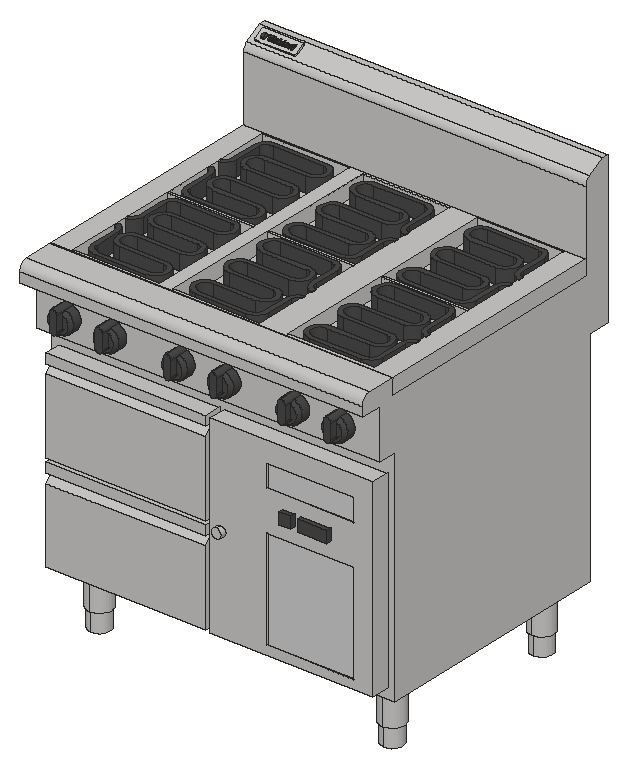
Revit family "QF_MOFFAT WALDORF_RN8600E-RB", category Specialty Equipment, Revit 2012
Parameters
  Weight in Pounds = 286.6006
  Watts = 14400 W
  Volts = 415 V
  URL Cutsheet = "www.moffat.com"
  URL = "www.moffat.com"
  Type Mark [instance] = ""
  Status [instance] = ""
  Specification by User [instance] = ""
  Specification by Manufacturer = ""
  Show Logo [instance] = yes
  Show Door [instance] = no
  Show Clearance [instance] = yes
  Show Casters [instance] = no
  Serial Number = ""
  Seismic Rating = ""
  SMACNA No = ""
  Revision Code [instance] = ""
  Refrigerant Type = "R134a"
  Phase = 3
  Omniclass Number and Title = ""
  Number of Poles = 1
  NAFEM Spec ID Number = ""
  Model = "RN8600E-RB"
  Min Ckt Ampacity = 0 A
  Max Overcurrent Protection = 0 A
  Masterspec = ""
  Manufacturer = "MOFFAT WALDORF"
  Legs [instance] = not(Show Casters)  # yes
  Item Number [instance] = ""
  Installed By [instance] = ""
  Identify Quantity as Lot [instance] = yes
  HP = ""
  Furnished By [instance] = ""
  Foodservice Equipment Identifier [instance] = yes
  FL Amps = 20 A
  Elec Conn RI Height = 0.0 mm
  Elec Conn Connection Height = 0.0 mm
  Drawer Clearance [instance] = and(Show Clearance, and(Drawer))  # yes
  Drawer [instance] = not(Show Door)  # yes
  Door Clearance [instance] = and(Show Clearance, and(Show Door))  # no
  Description = "COOK TOP ELECTRIC ON REFRIGERATED BASE"
  Cycle = 50 Hz
  Conn Plug = ""
  Conn Conduit = yes
  CSI MasterFormat = ""
  CSI Master Format = ""
  Base Height [instance] = 150.0 mm
  Apparent Power = if(Phase = 3, Volts * FL Amps * 1.73, Volts * FL Amps)  # 14359 VA
Reference planes
  plane 1 "BACK": y = 0
  plane 2: z = 0
  plane 3 "LEFT": x = 0
  plane 4 "RIGHT": x = 900
  plane 5 "FRONT": y = -805
  plane 6 "TOP": z = 1130
  plane 7 "Center Y": x = 450
  plane 8 "Center X": y = -402.5
  plane 9 "Base Height": z = 150
  plane 10: z = 915
  plane 11: x = 65.8
  plane 12: z = 710
  plane 13: y = -625
  plane 14: y = -135
Forms (mm)
  Extrusion 1, solid, material "QF_Finishes_Stainless Steel"
    sketch origin (0, 0, 0) x (0, 1, 0) y (0, 0, 1)
      loop
        line (-805, 891) -> (-805, 866) -> (-749, 866) -> (-749, 735) -> (-699, 735) -> (-699, 150) -> (-59, 150) -> (-59, 735) -> (0, 735) -> (0, 1130) -> (-16.5, 1130) -> (-58.709, 1105.631)
        arc (-58.709, 1105.631) -> (-66.975, 1097.365) -> (-70, 1086.074) r 22.582
        line (-70, 1086.074) -> (-70, 875) -> (-705, 875) -> (-705, 915) -> (-781, 915)
        arc (-781, 915) -> (-797.971, 907.971) -> (-805, 891) r 24
    from 0 to 900
  Revolve 2, solid, material "QF_Finishes_Black"
    sketch origin (210, 0, 600) x (0, -1, 0) y (0, 0, 1)
      loop
        line (782, 229.605) -> (759, 229.605) -> (759, 202.105) -> (749, 202.105) -> (749, 197.105) -> (793, 197.105) -> (793, 223.757) -> (782, 229.605)
      axis (793, 197.105) -> (749, 197.105)
    angle from 0 to 360
  Extrusion 3, solid, material "QF_Finishes_Black"
    sketch origin (-78.431, 0, 496.003) x (1, 0, 0) y (0, 0, 1)
      loop
        line (298.431, 289) -> (298.431, 327.997)
        arc (298.431, 327.997) -> (288.431, 337.997) -> (278.431, 327.997) r 10
        line (278.431, 327.997) -> (278.431, 289)
        arc (278.431, 289) -> (288.431, 279) -> (298.431, 289) r 10
    from 759 to 808
  Revolve 4, solid, material "QF_Finishes_Black"
    sketch origin (89.999, 0, 599.873) x (0, 1, 0) y (0, 0, -1)
      loop
        line (-782, -229.5) -> (-759, -229.5) -> (-759, -202) -> (-749, -202) -> (-749, -197) -> (-793, -197) -> (-793, -223.651) -> (-782, -229.5)
      axis (-793, -197) -> (-749, -197)
    angle from 0 to 360
  Extrusion 5, solid, material "QF_Finishes_Black"
    sketch origin (228.269, 0, 600.031) x (-1, 0, 0) y (0, 0, -1)
      loop
        arc (148.269, -184.969) -> (138.269, -174.969) -> (128.269, -184.969) r 10
        line (128.269, -184.969) -> (128.269, -223.969)
        arc (128.269, -223.969) -> (138.269, -233.969) -> (148.269, -223.969) r 10
        line (148.269, -223.969) -> (148.269, -184.969)
    from 759 to 808
  Revolve 6, solid, material "QF_Finishes_Black"
    sketch origin (510, 0, 600) x (0, -1, 0) y (0, 0, 1)
      loop
        line (782, 229.605) -> (759, 229.605) -> (759, 202.105) -> (749, 202.105) -> (749, 197.105) -> (793, 197.105) -> (793, 223.757) -> (782, 229.605)
      axis (793, 197.105) -> (749, 197.105)
    angle from 0 to 360
  Extrusion 7, solid, material "QF_Finishes_Black"
    sketch origin (371.569, 0, 496.003) x (1, 0, 0) y (0, 0, 1)
      loop
        line (148.431, 289) -> (148.431, 327.997)
        arc (148.431, 327.997) -> (138.431, 337.997) -> (128.431, 327.997) r 10
        line (128.431, 327.997) -> (128.431, 289)
        arc (128.431, 289) -> (138.431, 279) -> (148.431, 289) r 10
    from 759 to 808
  Revolve 8, solid, material "QF_Finishes_Black"
    sketch origin (389.999, 0, 599.873) x (0, 1, 0) y (0, 0, -1)
      loop
        line (-782, -229.5) -> (-759, -229.5) -> (-759, -202) -> (-749, -202) -> (-749, -197) -> (-793, -197) -> (-793, -223.651) -> (-782, -229.5)
      axis (-793, -197) -> (-749, -197)
    angle from 0 to 360
  Extrusion 9, solid, material "QF_Finishes_Black"
    sketch origin (378.269, 0, 600.031) x (-1, 0, 0) y (0, 0, -1)
      loop
        arc (-1.731, -184.969) -> (-11.731, -174.969) -> (-21.731, -184.969) r 10
        line (-21.731, -184.969) -> (-21.731, -223.969)
        arc (-21.731, -223.969) -> (-11.731, -233.969) -> (-1.731, -223.969) r 10
        line (-1.731, -223.969) -> (-1.731, -184.969)
    from 759 to 808
  Revolve 10, solid, material "QF_Finishes_Black"
    sketch origin (810, 0, 600) x (0, -1, 0) y (0, 0, 1)
      loop
        line (782, 229.605) -> (759, 229.605) -> (759, 202.105) -> (749, 202.105) -> (749, 197.105) -> (793, 197.105) -> (793, 223.757) -> (782, 229.605)
      axis (793, 197.105) -> (749, 197.105)
    angle from 0 to 360
  Extrusion 11, solid, material "QF_Finishes_Black"
    sketch origin (671.569, 0, 496.003) x (1, 0, 0) y (0, 0, 1)
      loop
        line (148.431, 289) -> (148.431, 327.997)
        arc (148.431, 327.997) -> (138.431, 337.997) -> (128.431, 327.997) r 10
        line (128.431, 327.997) -> (128.431, 289)
        arc (128.431, 289) -> (138.431, 279) -> (148.431, 289) r 10
    from 759 to 808
  Revolve 12, solid, material "QF_Finishes_Black"
    sketch origin (689.999, 0, 599.873) x (0, 1, 0) y (0, 0, -1)
      loop
        line (-782, -229.5) -> (-759, -229.5) -> (-759, -202) -> (-749, -202) -> (-749, -197) -> (-793, -197) -> (-793, -223.651) -> (-782, -229.5)
      axis (-793, -197) -> (-749, -197)
    angle from 0 to 360
  Extrusion 13, solid, material "QF_Finishes_Black"
    sketch origin (678.269, 0, 600.031) x (-1, 0, 0) y (0, 0, -1)
      loop
        arc (-1.731, -184.969) -> (-11.731, -174.969) -> (-21.731, -184.969) r 10
        line (-21.731, -184.969) -> (-21.731, -223.969)
        arc (-21.731, -223.969) -> (-11.731, -233.969) -> (-1.731, -223.969) r 10
        line (-1.731, -223.969) -> (-1.731, -184.969)
    from 759 to 808
  Extrusion 14, solid, material "QF_Finishes_Stainless Steel"
    sketch origin (0, -70, 875) x (0, -1, 0) y (1, 0, 0)
      loop
        line (1, 0) -> (635, 0) -> (635, 900) -> (1, 900) -> (1, 0)
      loop
        line (628.25, 54) -> (628.25, 282.75) -> (321.3, 282.75) -> (321.3, 54) -> (628.25, 54)
      loop
        line (6.75, 54) -> (313.7, 54) -> (313.7, 282.75) -> (6.75, 282.75) -> (6.75, 54)
      loop
        line (6.75, 317.25) -> (313.7, 317.25) -> (313.7, 546) -> (6.75, 546) -> (6.75, 317.25)
      loop
        line (628.25, 317.25) -> (628.25, 546) -> (321.3, 546) -> (321.3, 317.25) -> (628.25, 317.25)
      loop
        line (628.25, 846) -> (321.3, 846) -> (321.3, 617.25) -> (628.25, 617.25) -> (628.25, 846)
      loop
        line (6.75, 846) -> (6.75, 617.25) -> (313.7, 617.25) -> (313.7, 846) -> (6.75, 846)
    from 0 to 40
  Extrusion 15, solid, material "QF_Finishes_Black"
    sketch origin (0, -70, 875) x (0, -1, 0) y (1, 0, 0)
      loop
        arc (20.503, 102.138) -> (29.265, 78.692) -> (52.032, 68.293) r 32.731
        line (52.032, 68.293) -> (123.291, 68.293)
        arc (123.291, 68.293) -> (134.915, 64.189) -> (141.853, 54) r 19.786
        line (141.853, 54) -> (154.156, 54)
        arc (154.156, 54) -> (143.507, 72.673) -> (123.41, 80.3) r 31.79
        line (123.41, 80.3) -> (52.272, 80.3)
        arc (52.272, 80.3) -> (37.925, 87.003) -> (32.5, 101.881) r 20.722
        line (32.5, 101.881) -> (32.5, 234.6)
        arc (32.5, 234.6) -> (54.2, 256.3) -> (75.9, 234.6) r 21.7
        line (75.9, 234.6) -> (75.9, 122)
        arc (75.9, 122) -> (109.6, 88.3) -> (143.3, 122) r 33.7
        line (143.3, 122) -> (143.3, 234.6)
        arc (143.3, 234.6) -> (165, 256.3) -> (186.7, 234.6) r 21.7
        line (186.7, 234.6) -> (186.7, 122)
        arc (186.7, 122) -> (220.4, 88.3) -> (254.1, 122) r 33.7
        line (254.1, 122) -> (254.1, 234.6)
        arc (254.1, 234.6) -> (275.8, 256.3) -> (297.5, 234.6) r 21.7
        line (297.5, 234.6) -> (297.5, 101.881)
        arc (297.5, 101.881) -> (292.075, 87.003) -> (277.728, 80.3) r 20.722
        line (277.728, 80.3) -> (206.584, 80.3)
        arc (206.584, 80.3) -> (186.467, 72.659) -> (175.749, 54) r 31.973
        line (175.749, 54) -> (188.064, 54)
        arc (188.064, 54) -> (195.064, 64.184) -> (206.716, 68.3) r 19.973
        line (206.716, 68.3) -> (277.967, 68.3)
        arc (277.967, 68.3) -> (300.725, 78.682) -> (309.5, 102.106) r 32.722
        line (309.5, 102.106) -> (309.5, 234.6)
        arc (309.5, 234.6) -> (275.8, 268.3) -> (242.1, 234.6) r 33.7
        line (242.1, 234.6) -> (242.1, 122)
        arc (242.1, 122) -> (220.4, 100.3) -> (198.7, 122) r 21.7
        line (198.7, 122) -> (198.7, 234.6)
        arc (198.7, 234.6) -> (165, 268.3) -> (131.3, 234.6) r 33.7
        line (131.3, 234.6) -> (131.3, 122)
        arc (131.3, 122) -> (109.6, 100.3) -> (87.9, 122) r 21.7
        line (87.9, 122) -> (87.9, 234.6)
        arc (87.9, 234.6) -> (54.202, 268.298) -> (20.503, 234.6) r 33.698
        line (20.503, 234.6) -> (20.503, 102.138)
      loop
        arc (325.503, 102.138) -> (334.265, 78.692) -> (357.032, 68.293) r 32.731
        line (357.032, 68.293) -> (428.291, 68.293)
        arc (428.291, 68.293) -> (439.915, 64.189) -> (446.853, 54) r 19.786
        line (446.853, 54) -> (459.156, 54)
        arc (459.156, 54) -> (448.507, 72.673) -> (428.41, 80.3) r 31.79
        line (428.41, 80.3) -> (357.272, 80.3)
        arc (357.272, 80.3) -> (342.925, 87.003) -> (337.5, 101.881) r 20.722
        line (337.5, 101.881) -> (337.5, 234.6)
        arc (337.5, 234.6) -> (359.2, 256.3) -> (380.9, 234.6) r 21.7
        line (380.9, 234.6) -> (380.9, 122)
        arc (380.9, 122) -> (414.6, 88.3) -> (448.3, 122) r 33.7
        line (448.3, 122) -> (448.3, 234.6)
        arc (448.3, 234.6) -> (470, 256.3) -> (491.7, 234.6) r 21.7
        line (491.7, 234.6) -> (491.7, 122)
        arc (491.7, 122) -> (525.4, 88.3) -> (559.1, 122) r 33.7
        line (559.1, 122) -> (559.1, 234.6)
        arc (559.1, 234.6) -> (580.8, 256.3) -> (602.5, 234.6) r 21.7
        line (602.5, 234.6) -> (602.5, 101.881)
        arc (602.5, 101.881) -> (597.075, 87.003) -> (582.728, 80.3) r 20.722
        line (582.728, 80.3) -> (511.584, 80.3)
        arc (511.584, 80.3) -> (491.467, 72.659) -> (480.749, 54) r 31.973
        line (480.749, 54) -> (493.064, 54)
        arc (493.064, 54) -> (500.064, 64.184) -> (511.716, 68.3) r 19.973
        line (511.716, 68.3) -> (582.967, 68.3)
        arc (582.967, 68.3) -> (605.725, 78.682) -> (614.5, 102.106) r 32.722
        line (614.5, 102.106) -> (614.5, 234.6)
        arc (614.5, 234.6) -> (580.8, 268.3) -> (547.1, 234.6) r 33.7
        line (547.1, 234.6) -> (547.1, 122)
        arc (547.1, 122) -> (525.4, 100.3) -> (503.7, 122) r 21.7
        line (503.7, 122) -> (503.7, 234.6)
        arc (503.7, 234.6) -> (470, 268.3) -> (436.3, 234.6) r 33.7
        line (436.3, 234.6) -> (436.3, 122)
        arc (436.3, 122) -> (414.6, 100.3) -> (392.9, 122) r 21.7
        line (392.9, 122) -> (392.9, 234.6)
        arc (392.9, 234.6) -> (359.202, 268.298) -> (325.503, 234.6) r 33.698
        line (325.503, 234.6) -> (325.503, 102.138)
      loop
        line (20.503, 497.862) -> (20.503, 365.4)
        arc (20.503, 365.4) -> (54.202, 331.702) -> (87.9, 365.4) r 33.698
        line (87.9, 365.4) -> (87.9, 478)
        arc (87.9, 478) -> (109.6, 499.7) -> (131.3, 478) r 21.7
        line (131.3, 478) -> (131.3, 365.4)
        arc (131.3, 365.4) -> (165, 331.7) -> (198.7, 365.4) r 33.7
        line (198.7, 365.4) -> (198.7, 478)
        arc (198.7, 478) -> (220.4, 499.7) -> (242.1, 478) r 21.7
        line (242.1, 478) -> (242.1, 365.4)
        arc (242.1, 365.4) -> (275.8, 331.7) -> (309.5, 365.4) r 33.7
        line (309.5, 365.4) -> (309.5, 497.894)
        arc (309.5, 497.894) -> (300.725, 521.318) -> (277.967, 531.7) r 32.722
        line (277.967, 531.7) -> (206.716, 531.7)
        arc (206.716, 531.7) -> (195.064, 535.816) -> (188.064, 546) r 19.973
        line (188.064, 546) -> (175.749, 546)
        arc (175.749, 546) -> (186.467, 527.341) -> (206.584, 519.7) r 31.973
        line (206.584, 519.7) -> (277.728, 519.7)
        arc (277.728, 519.7) -> (292.075, 512.997) -> (297.5, 498.119) r 20.722
        line (297.5, 498.119) -> (297.5, 365.4)
        arc (297.5, 365.4) -> (275.8, 343.7) -> (254.1, 365.4) r 21.7
        line (254.1, 365.4) -> (254.1, 478)
        arc (254.1, 478) -> (220.4, 511.7) -> (186.7, 478) r 33.7
        line (186.7, 478) -> (186.7, 365.4)
        arc (186.7, 365.4) -> (165, 343.7) -> (143.3, 365.4) r 21.7
        line (143.3, 365.4) -> (143.3, 478)
        arc (143.3, 478) -> (109.6, 511.7) -> (75.9, 478) r 33.7
        line (75.9, 478) -> (75.9, 365.4)
        arc (75.9, 365.4) -> (54.2, 343.7) -> (32.5, 365.4) r 21.7
        line (32.5, 365.4) -> (32.5, 498.119)
        arc (32.5, 498.119) -> (37.925, 512.997) -> (52.272, 519.7) r 20.722
        line (52.272, 519.7) -> (123.41, 519.7)
        arc (123.41, 519.7) -> (143.507, 527.327) -> (154.156, 546) r 31.79
        line (154.156, 546) -> (141.853, 546)
        arc (141.853, 546) -> (134.915, 535.811) -> (123.291, 531.707) r 19.786
        line (123.291, 531.707) -> (52.032, 531.707)
        arc (52.032, 531.707) -> (29.265, 521.308) -> (20.503, 497.862) r 32.731
      loop
        line (325.503, 497.862) -> (325.503, 365.4)
        arc (325.503, 365.4) -> (359.202, 331.702) -> (392.9, 365.4) r 33.698
        line (392.9, 365.4) -> (392.9, 478)
        arc (392.9, 478) -> (414.6, 499.7) -> (436.3, 478) r 21.7
        line (436.3, 478) -> (436.3, 365.4)
        arc (436.3, 365.4) -> (470, 331.7) -> (503.7, 365.4) r 33.7
        line (503.7, 365.4) -> (503.7, 478)
        arc (503.7, 478) -> (525.4, 499.7) -> (547.1, 478) r 21.7
        line (547.1, 478) -> (547.1, 365.4)
        arc (547.1, 365.4) -> (580.8, 331.7) -> (614.5, 365.4) r 33.7
        line (614.5, 365.4) -> (614.5, 497.894)
        arc (614.5, 497.894) -> (605.725, 521.318) -> (582.967, 531.7) r 32.722
        line (582.967, 531.7) -> (511.716, 531.7)
        arc (511.716, 531.7) -> (500.064, 535.816) -> (493.064, 546) r 19.973
        line (493.064, 546) -> (480.749, 546)
        arc (480.749, 546) -> (491.467, 527.341) -> (511.584, 519.7) r 31.973
        line (511.584, 519.7) -> (582.728, 519.7)
        arc (582.728, 519.7) -> (597.075, 512.997) -> (602.5, 498.119) r 20.722
        line (602.5, 498.119) -> (602.5, 365.4)
        arc (602.5, 365.4) -> (580.8, 343.7) -> (559.1, 365.4) r 21.7
        line (559.1, 365.4) -> (559.1, 478)
        arc (559.1, 478) -> (525.4, 511.7) -> (491.7, 478) r 33.7
        line (491.7, 478) -> (491.7, 365.4)
        arc (491.7, 365.4) -> (470, 343.7) -> (448.3, 365.4) r 21.7
        line (448.3, 365.4) -> (448.3, 478)
        arc (448.3, 478) -> (414.6, 511.7) -> (380.9, 478) r 33.7
        line (380.9, 478) -> (380.9, 365.4)
        arc (380.9, 365.4) -> (359.2, 343.7) -> (337.5, 365.4) r 21.7
        line (337.5, 365.4) -> (337.5, 498.119)
        arc (337.5, 498.119) -> (342.925, 512.997) -> (357.272, 519.7) r 20.722
        line (357.272, 519.7) -> (428.41, 519.7)
        arc (428.41, 519.7) -> (448.507, 527.327) -> (459.156, 546) r 31.79
        line (459.156, 546) -> (446.853, 546)
        arc (446.853, 546) -> (439.915, 535.811) -> (428.291, 531.707) r 19.786
        line (428.291, 531.707) -> (357.032, 531.707)
        arc (357.032, 531.707) -> (334.265, 521.308) -> (325.503, 497.862) r 32.731
      loop
        line (20.503, 797.862) -> (20.503, 665.4)
        arc (20.503, 665.4) -> (54.202, 631.702) -> (87.9, 665.4) r 33.698
        line (87.9, 665.4) -> (87.9, 778)
        arc (87.9, 778) -> (109.6, 799.7) -> (131.3, 778) r 21.7
        line (131.3, 778) -> (131.3, 665.4)
        arc (131.3, 665.4) -> (165, 631.7) -> (198.7, 665.4) r 33.7
        line (198.7, 665.4) -> (198.7, 778)
        arc (198.7, 778) -> (220.4, 799.7) -> (242.1, 778) r 21.7
        line (242.1, 778) -> (242.1, 665.4)
        arc (242.1, 665.4) -> (275.8, 631.7) -> (309.5, 665.4) r 33.7
        line (309.5, 665.4) -> (309.5, 797.894)
        arc (309.5, 797.894) -> (300.725, 821.318) -> (277.967, 831.7) r 32.722
        line (277.967, 831.7) -> (206.716, 831.7)
        arc (206.716, 831.7) -> (195.064, 835.816) -> (188.064, 846) r 19.973
        line (188.064, 846) -> (175.749, 846)
        arc (175.749, 846) -> (186.467, 827.341) -> (206.584, 819.7) r 31.973
        line (206.584, 819.7) -> (277.728, 819.7)
        arc (277.728, 819.7) -> (292.075, 812.997) -> (297.5, 798.119) r 20.722
        line (297.5, 798.119) -> (297.5, 665.4)
        arc (297.5, 665.4) -> (275.8, 643.7) -> (254.1, 665.4) r 21.7
        line (254.1, 665.4) -> (254.1, 778)
        arc (254.1, 778) -> (220.4, 811.7) -> (186.7, 778) r 33.7
        line (186.7, 778) -> (186.7, 665.4)
        arc (186.7, 665.4) -> (165, 643.7) -> (143.3, 665.4) r 21.7
        line (143.3, 665.4) -> (143.3, 778)
        arc (143.3, 778) -> (109.6, 811.7) -> (75.9, 778) r 33.7
        line (75.9, 778) -> (75.9, 665.4)
        arc (75.9, 665.4) -> (54.2, 643.7) -> (32.5, 665.4) r 21.7
        line (32.5, 665.4) -> (32.5, 798.119)
        arc (32.5, 798.119) -> (37.925, 812.997) -> (52.272, 819.7) r 20.722
        line (52.272, 819.7) -> (123.41, 819.7)
        arc (123.41, 819.7) -> (143.507, 827.327) -> (154.156, 846) r 31.79
        line (154.156, 846) -> (141.853, 846)
        arc (141.853, 846) -> (134.915, 835.811) -> (123.291, 831.707) r 19.786
        line (123.291, 831.707) -> (52.032, 831.707)
        arc (52.032, 831.707) -> (29.265, 821.308) -> (20.503, 797.862) r 32.731
      loop
        line (325.503, 797.862) -> (325.503, 665.4)
        arc (325.503, 665.4) -> (359.202, 631.702) -> (392.9, 665.4) r 33.698
        line (392.9, 665.4) -> (392.9, 778)
        arc (392.9, 778) -> (414.6, 799.7) -> (436.3, 778) r 21.7
        line (436.3, 778) -> (436.3, 665.4)
        arc (436.3, 665.4) -> (470, 631.7) -> (503.7, 665.4) r 33.7
        line (503.7, 665.4) -> (503.7, 778)
        arc (503.7, 778) -> (525.4, 799.7) -> (547.1, 778) r 21.7
        line (547.1, 778) -> (547.1, 665.4)
        arc (547.1, 665.4) -> (580.8, 631.7) -> (614.5, 665.4) r 33.7
        line (614.5, 665.4) -> (614.5, 797.894)
        arc (614.5, 797.894) -> (605.725, 821.318) -> (582.967, 831.7) r 32.722
        line (582.967, 831.7) -> (511.716, 831.7)
        arc (511.716, 831.7) -> (500.064, 835.816) -> (493.064, 846) r 19.973
        line (493.064, 846) -> (480.749, 846)
        arc (480.749, 846) -> (491.467, 827.341) -> (511.584, 819.7) r 31.973
        line (511.584, 819.7) -> (582.728, 819.7)
        arc (582.728, 819.7) -> (597.075, 812.997) -> (602.5, 798.119) r 20.722
        line (602.5, 798.119) -> (602.5, 665.4)
        arc (602.5, 665.4) -> (580.8, 643.7) -> (559.1, 665.4) r 21.7
        line (559.1, 665.4) -> (559.1, 778)
        arc (559.1, 778) -> (525.4, 811.7) -> (491.7, 778) r 33.7
        line (491.7, 778) -> (491.7, 665.4)
        arc (491.7, 665.4) -> (470, 643.7) -> (448.3, 665.4) r 21.7
        line (448.3, 665.4) -> (448.3, 778)
        arc (448.3, 778) -> (414.6, 811.7) -> (380.9, 778) r 33.7
        line (380.9, 778) -> (380.9, 665.4)
        arc (380.9, 665.4) -> (359.2, 643.7) -> (337.5, 665.4) r 21.7
        line (337.5, 665.4) -> (337.5, 798.119)
        arc (337.5, 798.119) -> (342.925, 812.997) -> (357.272, 819.7) r 20.722
        line (357.272, 819.7) -> (428.41, 819.7)
        arc (428.41, 819.7) -> (448.507, 827.327) -> (459.156, 846) r 31.79
        line (459.156, 846) -> (446.853, 846)
        arc (446.853, 846) -> (439.915, 835.811) -> (428.291, 831.707) r 19.786
        line (428.291, 831.707) -> (357.032, 831.707)
        arc (357.032, 831.707) -> (334.265, 821.308) -> (325.503, 797.862) r 32.731
    from 0 to 40
  Revolve 16, solid, material "QF_Finishes_Stainless Steel", visible <- "Legs"
    sketch origin (65, -200, 0) x (0, 1, 0) y (0, 0, 1)
      loop
        line (33.25, 150) -> (33.25, 50) -> (37.5, 50) -> (37.5, 0) -> (65, 0) -> (65, 150) -> (33.25, 150)
      axis (65, 150) -> (65, 0)
    angle from 0 to 360
  Revolve 17, solid, material "QF_Finishes_Stainless Steel"
    sketch origin (65, -735, 0) x (0, 1, 0) y (0, 0, 1)
      loop
        line (78.25, 150) -> (78.25, 50) -> (82.5, 50) -> (82.5, 0) -> (110, 0) -> (110, 150) -> (78.25, 150)
      axis (110, 150) -> (110, 0)
    angle from 0 to 360
  Revolve 18, solid, material "QF_Finishes_Stainless Steel", visible <- "Legs"
    sketch origin (835, -200, 0) x (0, 1, 0) y (0, 0, -1)
      loop
        line (33.25, -150) -> (65, -150) -> (65, 0) -> (37.5, 0) -> (37.5, -50) -> (33.25, -50) -> (33.25, -150)
      axis (65, -150) -> (65, 0)
    angle from 0 to 360
  Revolve 19, solid, material "QF_Finishes_Stainless Steel"
    sketch origin (835, -735, 0) x (0, 1, 0) y (0, 0, -1)
      loop
        line (78.25, -150) -> (110, -150) -> (110, 0) -> (82.5, 0) -> (82.5, -50) -> (78.25, -50) -> (78.25, -150)
      axis (110, -150) -> (110, 0)
    angle from 0 to 360
  Extrusion 20, solid, material "QF_Finishes_Stainless Steel"
    sketch origin (0, -699, 735) x (1, 0, 0) y (0, -1, 0)
      loop
        circle (756.276, -660.313) r 10
    from 0 to 25
  Extrusion 21, solid, material "QF_Finishes_Stainless Steel"
    sketch origin (0, -699, 866) x (0, 0, -1) y (1, 0, 0)
      loop
        line (185.5, 881) -> (185.5, 453) -> (689.5, 453) -> (689.5, 881) -> (185.5, 881)
      loop
        line (667, 831) -> (402, 831) -> (402, 601) -> (667, 601) -> (667, 831)
      loop
        line (238, 831) -> (238, 601) -> (298, 601) -> (298, 831) -> (238, 831)
    from 0 to 48
  Extrusion 22, solid, material "QF_Finishes_Black"
    sketch origin (0, -747, 866) x (0, 0, -1) y (1, 0, 0)
      loop
        line (332.46, 644.926) -> (362.46, 644.926) -> (362.46, 674.926) -> (332.46, 674.926) -> (332.46, 644.926)
      loop
        line (332.46, 692.503) -> (362.46, 692.503) -> (362.46, 770.815) -> (332.46, 770.815) -> (332.46, 692.503)
    from 0 to 12.7
  Extrusion 23, solid, material "QF_Finishes_Stainless Steel"
    sketch origin (0, -747, 866) x (0, 0, -1) y (1, 0, 0)
      loop
        circle (441.229, 480.856) r 12.395
    from 0 to 12.7
  Extrusion 24, solid, material "QF_Finishes_Vents"
    sketch origin (0, -699, 866) x (0, 0, 1) y (1, 0, 0)
      loop
        line (-298, 601) -> (-238, 601) -> (-238, 831) -> (-298, 831) -> (-298, 601)
      loop
        line (-402, 601) -> (-402, 831) -> (-667, 831) -> (-667, 601) -> (-402, 601)
    from 0 to -44.529
Lines and regions (mm)
  Split face 1
    outline origin (49.063, -19.748, 1128.125) x (0, -0.866025, -0.5) y (1, 0, 0)
      loop
        line (1.427, 105.5) -> (35.836, 105.5) -> (35.836, 125.5) -> (1.427, 125.5) -> (1.427, 105.5)
  Split face 2
    outline origin (99.063, -19.748, 1128.125) x (0, -0.866025, -0.5) y (1, 0, 0)
      loop
        line (1.427, 105.5) -> (35.836, 105.5) -> (35.836, 125.5) -> (1.427, 125.5) -> (1.427, 105.5)
  Split face 3
    outline origin (149.063, -19.748, 1128.125) x (0, -0.866025, -0.5) y (1, 0, 0)
      loop
        line (1.427, 105.5) -> (35.836, 105.5) -> (35.836, 125.5) -> (1.427, 125.5) -> (1.427, 105.5)
  Split face 4
    outline origin (199.063, -19.748, 1128.125) x (0, -0.866025, -0.5) y (1, 0, 0)
      loop
        line (1.427, 105.5) -> (35.836, 105.5) -> (35.836, 125.5) -> (1.427, 125.5) -> (1.427, 105.5)
  Split face 5
    outline origin (249.063, -19.748, 1128.125) x (0, -0.866025, -0.5) y (1, 0, 0)
      loop
        line (1.427, 105.5) -> (35.836, 105.5) -> (35.836, 125.5) -> (1.427, 125.5) -> (1.427, 105.5)
  Split face 6
    outline origin (299.063, -19.748, 1128.125) x (0, -0.866025, -0.5) y (1, 0, 0)
      loop
        line (1.427, 105.5) -> (35.836, 105.5) -> (35.836, 125.5) -> (1.427, 125.5) -> (1.427, 105.5)
  Split face 7
    outline origin (349.063, -19.748, 1128.125) x (0, -0.866025, -0.5) y (1, 0, 0)
      loop
        line (1.427, 105.5) -> (35.836, 105.5) -> (35.836, 125.5) -> (1.427, 125.5) -> (1.427, 105.5)
  Split face 8
    outline origin (399.063, -19.748, 1128.125) x (0, -0.866025, -0.5) y (1, 0, 0)
      loop
        line (1.427, 105.5) -> (35.836, 105.5) -> (35.836, 125.5) -> (1.427, 125.5) -> (1.427, 105.5)
  Split face 9
    outline origin (449.063, -19.748, 1128.125) x (0, -0.866025, -0.5) y (1, 0, 0)
      loop
        line (1.427, 105.5) -> (35.836, 105.5) -> (35.836, 125.5) -> (1.427, 125.5) -> (1.427, 105.5)
  Split face 10
    outline origin (499.063, -19.748, 1128.125) x (0, -0.866025, -0.5) y (1, 0, 0)
      loop
        line (1.427, 105.5) -> (35.836, 105.5) -> (35.836, 125.5) -> (1.427, 125.5) -> (1.427, 105.5)
  Split face 11
    outline origin (549.063, -19.748, 1128.125) x (0, -0.866025, -0.5) y (1, 0, 0)
      loop
        line (1.427, 105.5) -> (35.836, 105.5) -> (35.836, 125.5) -> (1.427, 125.5) -> (1.427, 105.5)
  Split face 12
    outline origin (599.063, -19.748, 1128.125) x (0, -0.866025, -0.5) y (1, 0, 0)
      loop
        line (1.427, 105.5) -> (35.836, 105.5) -> (35.836, 125.5) -> (1.427, 125.5) -> (1.427, 105.5)
  symbolic lines, visible <- "Show Logo"
    curve 1: line (12.5, -52.06, 0) -> (12.5, -21.099, 0)
    curve 2: line (121.5, -21.099, 0) -> (121.5, -52.06, 0)
    curve 3: line (12.5, -21.099, 0) -> (121.5, -21.099, 0)
    curve 4: line (12.5, -52.06, 0) -> (121.5, -52.06, 0)
  symbolic lines
    curve 5: line (154.563, -50.782, 0) -> (154.563, -20.984, 0)
    curve 6: line (154.563, -20.984, 0) -> (174.562, -20.984, 0)
    curve 7: line (174.562, -20.984, 0) -> (174.562, -50.782, 0)
    curve 8: line (174.562, -50.782, 0) -> (154.563, -50.782, 0)
    curve 9: line (204.563, -20.984, 0) -> (204.563, -50.782, 0)
    curve 10: line (204.563, -50.782, 0) -> (224.562, -50.782, 0)
    curve 11: line (224.562, -50.782, 0) -> (224.562, -20.984, 0)
    curve 12: line (224.562, -20.984, 0) -> (204.563, -20.984, 0)
    curve 13: line (254.563, -20.984, 0) -> (254.563, -50.782, 0)
    curve 14: line (254.563, -50.782, 0) -> (274.562, -50.782, 0)
    curve 15: line (274.562, -50.782, 0) -> (274.562, -20.984, 0)
    curve 16: line (274.562, -20.984, 0) -> (254.563, -20.984, 0)
    curve 17: line (304.563, -20.984, 0) -> (304.563, -50.782, 0)
    curve 18: line (304.563, -50.782, 0) -> (324.563, -50.782, 0)
    curve 19: line (324.563, -50.782, 0) -> (324.563, -20.984, 0)
    curve 20: line (324.563, -20.984, 0) -> (304.563, -20.984, 0)
    curve 21: line (354.563, -20.984, 0) -> (354.563, -50.782, 0)
    curve 22: line (354.563, -50.782, 0) -> (374.563, -50.782, 0)
    curve 23: line (374.563, -50.782, 0) -> (374.563, -20.984, 0)
    curve 24: line (374.563, -20.984, 0) -> (354.563, -20.984, 0)
    curve 25: line (404.563, -50.782, 0) -> (404.563, -20.984, 0)
    curve 26: line (404.563, -20.984, 0) -> (424.563, -20.984, 0)
    curve 27: line (424.563, -20.984, 0) -> (424.563, -50.782, 0)
    curve 28: line (424.563, -50.782, 0) -> (404.563, -50.782, 0)
    curve 29: line (454.563, -50.782, 0) -> (454.563, -20.984, 0)
    curve 30: line (454.563, -20.984, 0) -> (474.563, -20.984, 0)
    curve 31: line (474.563, -20.984, 0) -> (474.563, -50.782, 0)
    curve 32: line (474.563, -50.782, 0) -> (454.563, -50.782, 0)
    curve 33: line (504.563, -20.984, 0) -> (504.563, -50.782, 0)
    curve 34: line (504.563, -50.782, 0) -> (524.563, -50.782, 0)
    curve 35: line (524.563, -50.782, 0) -> (524.563, -20.984, 0)
    curve 36: line (524.563, -20.984, 0) -> (504.563, -20.984, 0)
    curve 37: line (554.563, -50.782, 0) -> (554.563, -20.984, 0)
    curve 38: line (554.563, -20.984, 0) -> (574.563, -20.984, 0)
    curve 39: line (574.563, -20.984, 0) -> (574.563, -50.782, 0)
    curve 40: line (574.563, -50.782, 0) -> (554.563, -50.782, 0)
    curve 41: line (604.563, -50.782, 0) -> (604.563, -20.984, 0)
    curve 42: line (604.563, -20.984, 0) -> (624.563, -20.984, 0)
    curve 43: line (624.563, -20.984, 0) -> (624.563, -50.782, 0)
    curve 44: line (624.563, -50.782, 0) -> (604.563, -50.782, 0)
    curve 45: line (654.563, -50.782, 0) -> (654.563, -20.984, 0)
    curve 46: line (654.563, -20.984, 0) -> (674.563, -20.984, 0)
    curve 47: line (674.563, -20.984, 0) -> (674.563, -50.782, 0)
    curve 48: line (674.563, -50.782, 0) -> (654.563, -50.782, 0)
    curve 49: line (724.563, -50.782, 0) -> (704.563, -50.782, 0)
    curve 50: line (704.563, -50.782, 0) -> (704.563, -20.984, 0)
    curve 51: line (704.563, -20.984, 0) -> (724.563, -20.984, 0)
    curve 52: line (724.563, -20.984, 0) -> (724.563, -50.782, 0)
    curve 53: line (0, -805, 0) -> (900, -805, 0)
    curve 54: line (0, 0, 0) -> (0, -805, 0)
    curve 55: line (900, -805, 0) -> (900, 0, 0)
    curve 56: line (900, 0, 0) -> (0, 0, 0)
    curve 57: line (0, -70, 0) -> (900, -70, 0)
    curve 58: line (900, -705, 0) -> (0, -705, 0)
    curve 59: arc (54, -218.043, 0) -> (68.436, -209.222, 0) -> (74.3, -193.354, 0) r 25.79
    curve 60: line (74.3, -193.354, 0) -> (74.3, -122.146, 0)
    curve 61: arc (74.3, -122.146, 0) -> (82.847, -103.595, 0) -> (102, -96.5, 0) r 26.722
    curve 62: line (102, -96.5, 0) -> (234.6, -96.5, 0)
    curve 63: arc (234.6, -96.5, 0) -> (262.3, -124.2, 0) -> (234.6, -151.9, 0) r 27.7
    curve 64: line (234.6, -151.9, 0) -> (122, -151.9, 0)
    curve 65: arc (122, -151.9, 0) -> (94.3, -179.6, 0) -> (122, -207.3, 0) r 27.7
    curve 66: line (122, -207.3, 0) -> (234.6, -207.3, 0)
    curve 67: arc (234.6, -207.3, 0) -> (262.3, -235, 0) -> (234.6, -262.7, 0) r 27.7
    curve 68: line (234.6, -262.7, 0) -> (122, -262.7, 0)
    curve 69: arc (122, -262.7, 0) -> (94.3, -290.4, 0) -> (122, -318.1, 0) r 27.7
    curve 70: line (122, -318.1, 0) -> (234.6, -318.1, 0)
    curve 71: arc (234.6, -318.1, 0) -> (262.3, -345.8, 0) -> (234.6, -373.5, 0) r 27.7
    curve 72: line (234.6, -373.5, 0) -> (102, -373.5, 0)
    curve 73: arc (102, -373.5, 0) -> (82.847, -366.405, 0) -> (74.3, -347.854, 0) r 26.722
    curve 74: line (74.3, -347.854, 0) -> (74.3, -276.646, 0)
    curve 75: arc (74.3, -276.646, 0) -> (68.424, -260.755, 0) -> (54, -251.869, 0) r 25.973
    curve 76: arc (54, -523.043, 0) -> (68.436, -514.222, 0) -> (74.3, -498.354, 0) r 25.79
    curve 77: line (74.3, -498.354, 0) -> (74.3, -427.146, 0)
    curve 78: arc (74.3, -427.146, 0) -> (82.847, -408.595, 0) -> (102, -401.5, 0) r 26.722
    curve 79: line (102, -401.5, 0) -> (234.6, -401.5, 0)
    curve 80: arc (234.6, -401.5, 0) -> (262.3, -429.2, 0) -> (234.6, -456.9, 0) r 27.7
    curve 81: line (234.6, -456.9, 0) -> (122, -456.9, 0)
    curve 82: arc (122, -456.9, 0) -> (94.3, -484.6, 0) -> (122, -512.3, 0) r 27.7
    curve 83: line (122, -512.3, 0) -> (234.6, -512.3, 0)
    curve 84: arc (234.6, -512.3, 0) -> (262.3, -540, 0) -> (234.6, -567.7, 0) r 27.7
    curve 85: line (234.6, -567.7, 0) -> (122, -567.7, 0)
    curve 86: arc (122, -567.7, 0) -> (94.3, -595.4, 0) -> (122, -623.1, 0) r 27.7
    curve 87: line (122, -623.1, 0) -> (234.6, -623.1, 0)
    curve 88: arc (234.6, -623.1, 0) -> (262.3, -650.8, 0) -> (234.6, -678.5, 0) r 27.7
    curve 89: line (234.6, -678.5, 0) -> (102, -678.5, 0)
    curve 90: arc (102, -678.5, 0) -> (82.847, -671.405, 0) -> (74.3, -652.854, 0) r 26.722
    curve 91: line (74.3, -652.854, 0) -> (74.3, -581.646, 0)
    curve 92: arc (74.3, -581.646, 0) -> (68.424, -565.755, 0) -> (54, -556.869, 0) r 25.973
    curve 93: arc (545.338, -218.043, 0) -> (530.902, -209.222, 0) -> (525.038, -193.354, 0) r 25.79
    curve 94: line (525.038, -193.354, 0) -> (525.038, -122.146, 0)
    curve 95: arc (525.038, -122.146, 0) -> (516.491, -103.595, 0) -> (497.338, -96.5, 0) r 26.722
    curve 96: line (497.338, -96.5, 0) -> (364.738, -96.5, 0)
    curve 97: arc (364.738, -96.5, 0) -> (337.038, -124.2, 0) -> (364.738, -151.9, 0) r 27.7
    curve 98: line (364.738, -151.9, 0) -> (477.338, -151.9, 0)
    curve 99: arc (477.338, -151.9, 0) -> (505.038, -179.6, 0) -> (477.338, -207.3, 0) r 27.7
    curve 100: line (477.338, -207.3, 0) -> (364.738, -207.3, 0)
    curve 101: arc (364.738, -207.3, 0) -> (337.038, -235, 0) -> (364.738, -262.7, 0) r 27.7
    curve 102: line (364.738, -262.7, 0) -> (477.338, -262.7, 0)
    curve 103: arc (477.338, -262.7, 0) -> (505.038, -290.4, 0) -> (477.338, -318.1, 0) r 27.7
    curve 104: line (477.338, -318.1, 0) -> (364.738, -318.1, 0)
    curve 105: arc (364.738, -318.1, 0) -> (337.038, -345.8, 0) -> (364.738, -373.5, 0) r 27.7
    curve 106: line (364.738, -373.5, 0) -> (497.338, -373.5, 0)
    curve 107: arc (497.338, -373.5, 0) -> (516.491, -366.405, 0) -> (525.038, -347.854, 0) r 26.722
    curve 108: line (525.038, -347.854, 0) -> (525.038, -276.646, 0)
    curve 109: arc (525.038, -276.646, 0) -> (530.914, -260.755, 0) -> (545.338, -251.869, 0) r 25.973
    curve 110: arc (545.338, -523.043, 0) -> (530.902, -514.222, 0) -> (525.038, -498.354, 0) r 25.79
    curve 111: line (525.038, -498.354, 0) -> (525.038, -427.146, 0)
    curve 112: arc (525.038, -427.146, 0) -> (516.491, -408.595, 0) -> (497.338, -401.5, 0) r 26.722
    curve 113: line (497.338, -401.5, 0) -> (364.738, -401.5, 0)
    curve 114: arc (364.738, -401.5, 0) -> (337.038, -429.2, 0) -> (364.738, -456.9, 0) r 27.7
    curve 115: line (364.738, -456.9, 0) -> (477.338, -456.9, 0)
    curve 116: arc (477.338, -456.9, 0) -> (505.038, -484.6, 0) -> (477.338, -512.3, 0) r 27.7
    curve 117: line (477.338, -512.3, 0) -> (364.738, -512.3, 0)
    curve 118: arc (364.738, -512.3, 0) -> (337.038, -540, 0) -> (364.738, -567.7, 0) r 27.7
    curve 119: line (364.738, -567.7, 0) -> (477.338, -567.7, 0)
    curve 120: arc (477.338, -567.7, 0) -> (505.038, -595.4, 0) -> (477.338, -623.1, 0) r 27.7
    curve 121: line (477.338, -623.1, 0) -> (364.738, -623.1, 0)
    curve 122: arc (364.738, -623.1, 0) -> (337.038, -650.8, 0) -> (364.738, -678.5, 0) r 27.7
    curve 123: line (364.738, -678.5, 0) -> (497.338, -678.5, 0)
    curve 124: arc (497.338, -678.5, 0) -> (516.491, -671.405, 0) -> (525.038, -652.854, 0) r 26.722
    curve 125: line (525.038, -652.854, 0) -> (525.038, -581.646, 0)
    curve 126: arc (525.038, -581.646, 0) -> (530.914, -565.755, 0) -> (545.338, -556.869, 0) r 25.973
    curve 127: arc (845.338, -218.043, 0) -> (830.902, -209.222, 0) -> (825.038, -193.354, 0) r 25.79
    curve 128: line (825.038, -193.354, 0) -> (825.038, -122.146, 0)
    curve 129: arc (825.038, -122.146, 0) -> (816.491, -103.595, 0) -> (797.338, -96.5, 0) r 26.722
    curve 130: line (797.338, -96.5, 0) -> (664.738, -96.5, 0)
    curve 131: arc (664.738, -96.5, 0) -> (637.038, -124.2, 0) -> (664.738, -151.9, 0) r 27.7
    curve 132: line (664.738, -151.9, 0) -> (777.338, -151.9, 0)
    curve 133: arc (777.338, -151.9, 0) -> (805.038, -179.6, 0) -> (777.338, -207.3, 0) r 27.7
    curve 134: line (777.338, -207.3, 0) -> (664.738, -207.3, 0)
    curve 135: arc (664.738, -207.3, 0) -> (637.038, -235, 0) -> (664.738, -262.7, 0) r 27.7
    curve 136: line (664.738, -262.7, 0) -> (777.338, -262.7, 0)
    curve 137: arc (777.338, -262.7, 0) -> (805.038, -290.4, 0) -> (777.338, -318.1, 0) r 27.7
    curve 138: line (777.338, -318.1, 0) -> (664.738, -318.1, 0)
    curve 139: arc (664.738, -318.1, 0) -> (637.038, -345.8, 0) -> (664.738, -373.5, 0) r 27.7
    curve 140: line (664.738, -373.5, 0) -> (797.338, -373.5, 0)
    curve 141: arc (797.338, -373.5, 0) -> (816.491, -366.405, 0) -> (825.038, -347.854, 0) r 26.722
    curve 142: line (825.038, -347.854, 0) -> (825.038, -276.646, 0)
    curve 143: arc (825.038, -276.646, 0) -> (830.914, -260.755, 0) -> (845.338, -251.869, 0) r 25.973
    curve 144: arc (845.338, -523.043, 0) -> (830.902, -514.222, 0) -> (825.038, -498.354, 0) r 25.79
    curve 145: line (825.038, -498.354, 0) -> (825.038, -427.146, 0)
    curve 146: arc (825.038, -427.146, 0) -> (816.491, -408.595, 0) -> (797.338, -401.5, 0) r 26.722
    curve 147: line (797.338, -401.5, 0) -> (664.738, -401.5, 0)
    curve 148: arc (664.738, -401.5, 0) -> (637.038, -429.2, 0) -> (664.738, -456.9, 0) r 27.7
    curve 149: line (664.738, -456.9, 0) -> (777.338, -456.9, 0)
    curve 150: arc (777.338, -456.9, 0) -> (805.038, -484.6, 0) -> (777.338, -512.3, 0) r 27.7
    curve 151: line (777.338, -512.3, 0) -> (664.738, -512.3, 0)
    curve 152: arc (664.738, -512.3, 0) -> (637.038, -540, 0) -> (664.738, -567.7, 0) r 27.7
    curve 153: line (664.738, -567.7, 0) -> (777.338, -567.7, 0)
    curve 154: arc (777.338, -567.7, 0) -> (805.038, -595.4, 0) -> (777.338, -623.1, 0) r 27.7
    curve 155: line (777.338, -623.1, 0) -> (664.738, -623.1, 0)
    curve 156: arc (664.738, -623.1, 0) -> (637.038, -650.8, 0) -> (664.738, -678.5, 0) r 27.7
    curve 157: line (664.738, -678.5, 0) -> (797.338, -678.5, 0)
    curve 158: arc (797.338, -678.5, 0) -> (816.491, -671.405, 0) -> (825.038, -652.854, 0) r 26.722
    curve 159: line (825.038, -652.854, 0) -> (825.038, -581.646, 0)
    curve 160: arc (825.038, -581.646, 0) -> (830.914, -565.755, 0) -> (845.338, -556.869, 0) r 25.973
    curve 161: line (54, -705, 0) -> (54, -70, 0)
    curve 162: line (282.75, -70, 0) -> (282.75, -705, 0)
    curve 163: line (317.25, -705, 0) -> (317.25, -70, 0)
    curve 164: line (546, -70, 0) -> (546, -705, 0)
    curve 165: line (617.25, -705, 0) -> (617.25, -70, 0)
    curve 166: line (846, -70, 0) -> (846, -705, 0)
    curve 167: line (282.75, -387.5, 0) -> (54, -387.5, 0)
    curve 168: line (317.25, -387.5, 0) -> (546, -387.5, 0)
    curve 169: line (617.25, -387.5, 0) -> (846, -387.5, 0)
Dimensions and locks
  equal spacing: plane 3 "LEFT", plane 7 "Center Y", plane 4 "RIGHT"
  plane 3 "LEFT" to plane 4 "RIGHT" = 900.0 mm
  equal spacing: plane 5 "FRONT", plane 8 "Center X", plane 1 "BACK"
  plane 5 "FRONT" to plane 1 "BACK" = 805.0 mm
  "Base Height": plane 9 "Base Height" to level
  plane 6 "TOP" to level = 1130.0 mm
  plane 10 to level = 915.0 mm
  Revolve 10 sketch curve to Revolve 10 sketch curve to Revolve 12 = 11.0 mm locked, 23.0 mm locked
  plane 12 to level = 710.0 mm
  plane 13 to plane 14 = 490.0 mm
  aligned and locked: level to plane 2
  aligned and locked: Extrusion 1 to Revolve 10 sketch curve
Automatic sketch dimensions
  curve 53 to plane 3 "LEFT" = 0.0 mm
  plane 1 "BACK" to curve 56 = 0.0 mm
  curve 56 to plane 4 "RIGHT" = 0.0 mm
  plane 5 "FRONT" to curve 55 = 0.0 mm
  plane 3 "LEFT" to curve 1 = 12.5 mm
  plane 3 "LEFT" to curve 75 = 48.333 mm
  plane 3 "LEFT" to curve 92 = 48.333 mm
  plane 3 "LEFT" to curve 76 = 48.516 mm
  plane 3 "LEFT" to curve 59 = 48.516 mm
  curve 92 to curve 92 = 5.667 mm
  curve 161 to plane 8 "Center X" = 302.5 mm
  plane 3 "LEFT" to curve 161 = 54.0 mm
  curve 76 to curve 76 = 5.484 mm
  curve 77 to plane 8 "Center X" = 24.646 mm
  curve 161 to curve 77 = 20.3 mm
  curve 92 to curve 92 = 25.967 mm
  curve 75 to curve 75 = 25.967 mm
  curve 59 to curve 59 = 25.784 mm
  curve 60 to curve 61 = 26.701 mm
  curve 90 to curve 90 = 26.701 mm
  curve 77 to curve 78 = 26.701 mm
  curve 73 to curve 73 = 26.701 mm
  curve 73 to curve 72 = 0.999 mm
  plane 8 "Center X" to curve 78 = 1.0 mm
  curve 78 to curve 78 = 0.999 mm
  curve 90 to curve 89 = 0.999 mm
  curve 61 to curve 62 = 0.999 mm
  curve 61 to curve 2 = 19.5 mm
  curve 78 to curve 82 = 20.999 mm
  curve 61 to curve 65 = 20.999 mm
  curve 75 to curve 68 = 47.7 mm
  curve 91 to curve 85 = 47.7 mm
  curve 2 to curve 5 = 33.062 mm
  curve 5 to curve 7 = 20.0 mm
  curve 7 to curve 9 = 30.0 mm
  curve 9 to curve 12 = 20.0 mm
  curve 85 to curve 85 = 112.6 mm
  curve 89 to curve 85 = 0.0 mm
  curve 69 to curve 70 = 112.6 mm
  curve 68 to curve 70 = 0.0 mm
  curve 79 to curve 72 = 0.0 mm
  curve 64 to curve 67 = 0.0 mm
  curve 11 to curve 16 = 30.0 mm
  curve 13 to curve 14 = 20.0 mm
  curve 14 to curve 162 = 8.187 mm
  curve 162 to curve 18 = 21.813 mm
  curve 162 to curve 163 = 34.5 mm
  curve 17 to curve 20 = 20.0 mm
  curve 19 to curve 21 = 30.0 mm
  plane 8 "Center X" to curve 114 = 1.0 mm
  curve 163 to curve 114 = 47.488 mm
  curve 117 to curve 114 = 0.0 mm
  curve 105 to curve 113 = 0.0 mm
  curve 102 to curve 104 = 0.0 mm
  curve 21 to curve 96 = 10.176 mm
  curve 122 to curve 119 = 0.0 mm
  curve 21 to curve 23 = 20.0 mm
  curve 23 to curve 25 = 30.0 mm
  curve 25 to curve 26 = 20.0 mm
  plane 7 "Center Y" to curve 30 = 4.563 mm
  curve 29 to curve 31 = 20.0 mm
  plane 7 "Center Y" to curve 103 = 27.338 mm
  plane 7 "Center Y" to curve 121 = 27.338 mm
  plane 7 "Center Y" to curve 117 = 27.338 mm
  plane 7 "Center Y" to curve 100 = 27.338 mm
  plane 7 "Center Y" to curve 96 = 47.338 mm
  plane 7 "Center Y" to curve 124 = 47.338 mm
  plane 7 "Center Y" to curve 107 = 47.338 mm
  curve 112 to curve 107 = 0.0 mm
  curve 95 to curve 95 = 0.999 mm
  curve 107 to curve 107 = 0.999 mm
  curve 112 to curve 112 = 0.999 mm
  curve 124 to curve 124 = 0.999 mm
  curve 30 to curve 33 = 30.0 mm
  curve 33 to curve 34 = 20.0 mm
  curve 120 to curve 125 = 47.7 mm
  curve 95 to curve 95 = 26.701 mm
  curve 112 to curve 112 = 26.701 mm
  curve 107 to curve 108 = 26.701 mm
  curve 109 to curve 109 = 20.3 mm
  curve 125 to curve 126 = 20.3 mm
  curve 93 to curve 93 = 20.3 mm
  curve 110 to curve 110 = 20.3 mm
  curve 164 to plane 8 "Center X" = 302.5 mm
  curve 108 to curve 164 = 20.962 mm
  curve 93 to curve 93 = 25.784 mm
  curve 110 to curve 110 = 25.784 mm
  curve 109 to curve 109 = 5.667 mm
  curve 125 to curve 126 = 25.967 mm
  curve 164 to curve 37 = 8.563 mm
  curve 37 to curve 40 = 20.0 mm
  curve 38 to curve 41 = 30.0 mm
  curve 41 to curve 165 = 12.688 mm
  curve 41 to curve 43 = 20.0 mm
  curve 42 to curve 46 = 30.0 mm
  curve 110 to curve 152 = 113.916 mm
  curve 156 to curve 153 = 0.0 mm
  curve 149 to curve 152 = 0.0 mm
  curve 140 to curve 147 = 0.0 mm
  curve 45 to curve 130 = 10.176 mm
  curve 136 to curve 138 = 0.0 mm
  curve 45 to curve 47 = 20.0 mm
  curve 47 to curve 49 = 30.0 mm
  curve 50 to curve 51 = 20.0 mm
  curve 131 to curve 132 = 112.6 mm
  curve 138 to curve 133 = 0.0 mm
  curve 155 to curve 155 = 112.6 mm
  curve 151 to curve 154 = 0.0 mm
  curve 138 to curve 141 = 20.0 mm
  curve 155 to curve 157 = 20.0 mm
  curve 132 to curve 129 = 20.0 mm
  plane 8 "Center X" to curve 147 = 1.0 mm
  curve 147 to curve 141 = 0.0 mm
  curve 141 to curve 141 = 0.999 mm
  curve 146 to curve 146 = 0.999 mm
  curve 129 to curve 129 = 0.999 mm
  curve 158 to curve 158 = 0.999 mm
  curve 150 to curve 145 = 47.7 mm
  curve 133 to curve 127 = 47.7 mm
  curve 154 to curve 160 = 47.7 mm
  curve 137 to curve 143 = 47.7 mm
  curve 127 to curve 127 = 20.3 mm
  curve 143 to curve 143 = 20.3 mm
  curve 160 to curve 160 = 20.3 mm
  curve 144 to curve 144 = 20.3 mm
  curve 166 to plane 8 "Center X" = 302.5 mm
  curve 142 to curve 166 = 20.962 mm
  curve 127 to curve 127 = 25.784 mm
  curve 145 to curve 144 = 25.784 mm
  curve 143 to curve 143 = 5.667 mm
  curve 159 to curve 160 = 25.967 mm
  curve 53 to curve 58 = 100.0 mm
  curve 124 to plane 5 "FRONT" = 126.5 mm
  curve 88 to plane 5 "FRONT" = 126.5 mm
  curve 58 to curve 158 = 26.5 mm
  curve 124 to curve 124 = 25.646 mm
  curve 89 to curve 90 = 25.646 mm
  curve 157 to curve 159 = 25.646 mm
  curve 88 to curve 88 = 27.7 mm
  curve 156 to curve 156 = 27.7 mm
  curve 122 to curve 122 = 27.7 mm
  curve 154 to curve 154 = 27.7 mm
  curve 120 to curve 120 = 27.7 mm
  curve 86 to curve 86 = 27.7 mm
  curve 86 to curve 92 = 13.184 mm
  curve 120 to curve 126 = 13.184 mm
  curve 154 to curve 160 = 13.184 mm
  curve 160 to curve 160 = 0.57 mm
  curve 126 to curve 126 = 0.57 mm
  curve 92 to curve 91 = 0.57 mm
  curve 152 to curve 152 = 27.7 mm
  curve 118 to curve 118 = 27.7 mm
  curve 84 to curve 84 = 27.7 mm
  curve 92 to curve 76 = 33.826 mm
  curve 160 to curve 144 = 33.826 mm
  curve 126 to curve 110 = 33.826 mm
  curve 110 to curve 111 = 24.689 mm
  curve 144 to curve 145 = 24.689 mm
  curve 76 to curve 77 = 24.689 mm
  curve 82 to curve 82 = 27.7 mm
  curve 116 to curve 116 = 27.7 mm
  curve 150 to curve 150 = 27.7 mm
  curve 146 to curve 146 = 26.704 mm
  curve 112 to curve 112 = 26.704 mm
  curve 162 to plane 8 "Center X" = 302.5 mm
  curve 163 to plane 8 "Center X" = 302.5 mm
  curve 165 to plane 8 "Center X" = 302.5 mm
  curve 112 to curve 107 = 28.0 mm
  curve 79 to curve 71 = 28.0 mm
  curve 72 to curve 73 = 25.646 mm
  curve 141 to curve 142 = 25.646 mm
  curve 107 to curve 108 = 25.646 mm
  curve 71 to curve 71 = 27.7 mm
  curve 105 to curve 105 = 27.7 mm
  curve 139 to curve 139 = 27.7 mm
  curve 137 to curve 137 = 27.7 mm
  curve 103 to curve 103 = 27.7 mm
  curve 69 to curve 69 = 27.7 mm
  curve 103 to curve 109 = 13.184 mm
  curve 69 to curve 75 = 13.184 mm
  curve 137 to curve 143 = 13.184 mm
  curve 75 to curve 74 = 0.57 mm
  curve 143 to curve 143 = 0.57 mm
  curve 109 to curve 108 = 0.57 mm
  curve 101 to curve 101 = 27.7 mm
  curve 67 to curve 67 = 27.7 mm
  curve 135 to curve 135 = 27.7 mm
  curve 75 to curve 59 = 33.826 mm
  curve 109 to curve 93 = 33.826 mm
  curve 143 to curve 127 = 33.826 mm
  curve 127 to curve 128 = 24.689 mm
  curve 59 to curve 60 = 24.689 mm
  curve 93 to curve 94 = 24.689 mm
  curve 99 to curve 99 = 27.7 mm
  curve 65 to curve 65 = 27.7 mm
  curve 133 to curve 133 = 27.7 mm
  curve 98 to curve 97 = 27.7 mm
  curve 132 to curve 131 = 27.7 mm
  curve 64 to curve 63 = 27.7 mm
  curve 61 to curve 62 = 26.704 mm
  curve 95 to curve 95 = 26.704 mm
  curve 129 to curve 129 = 26.704 mm
  curve 129 to curve 166 = 52.146 mm
  curve 95 to curve 164 = 26.5 mm
  curve 130 to curve 165 = 26.5 mm
  curve 57 to curve 161 = 0.0 mm
  curve 57 to curve 1 = 17.94 mm
  plane 1 "BACK" to curve 28 = 50.782 mm
  plane 1 "BACK" to curve 52 = 50.782 mm
  curve 2 to curve 5 = 1.278 mm
  curve 27 to curve 29 = 0.0 mm
  curve 7 to curve 9 = 0.0 mm
  curve 31 to curve 33 = 0.0 mm
  curve 10 to curve 13 = 0.0 mm
  curve 164 to curve 37 = 19.218 mm
  curve 163 to curve 17 = 19.218 mm
  curve 165 to curve 41 = 19.218 mm
  curve 18 to curve 21 = 0.0 mm
  curve 43 to curve 45 = 0.0 mm
  plane 1 "BACK" to curve 2 = 21.099 mm
  plane 1 "BACK" to curve 23 = 20.984 mm
  plane 1 "BACK" to curve 46 = 20.984 mm
  plane 1 "BACK" to curve 43 = 20.984 mm
  plane 1 "BACK" to curve 20 = 20.984 mm
  plane 1 "BACK" to curve 39 = 20.984 mm
  plane 1 "BACK" to curve 16 = 20.984 mm
  plane 1 "BACK" to curve 36 = 20.984 mm
  plane 1 "BACK" to curve 12 = 20.984 mm
  plane 1 "BACK" to curve 31 = 20.984 mm
  plane 1 "BACK" to curve 25 = 20.984 mm
  plane 1 "BACK" to curve 7 = 20.984 mm
  plane 1 "BACK" to curve 50 = 20.984 mm
  plane 8 "Center X" to curve 167 = 15.0 mm
  plane 8 "Center X" to curve 168 = 15.0 mm
  plane 8 "Center X" to curve 169 = 15.0 mm
  Revolve 2 sketch curve to plane 6 "TOP" = 332.895 mm
  Revolve 2 sketch curve to plane 5 "FRONT" = 56.0 mm
  Revolve 2 sketch curve to plane 6 "TOP" = 300.395 mm
  Revolve 2 sketch curve to Revolve 2 sketch curve = 10.0 mm
  Revolve 2 sketch curve to Revolve 2 sketch curve = 21.3 mm
  Revolve 2 sketch curve to plane 5 "FRONT" = 23.0 mm
  Revolve 2 sketch curve to plane 5 "FRONT" = 12.0 mm
  Revolve 2 sketch curve to Revolve 2 sketch curve = 0.0 mm  (x2)
  Revolve 2 sketch curve to Revolve 2 sketch curve = 5.0 mm
  Revolve 2 sketch curve to plane 6 "TOP" = 306.243 mm
  Extrusion 3 sketch curve to plane 6 "TOP" = 306.0 mm
  plane 3 "LEFT" to Extrusion 3 sketch curve = 200.0 mm
  Extrusion 3 sketch curve to Extrusion 3 sketch curve = 10.0 mm
  Extrusion 3 sketch curve to plane 6 "TOP" = 344.997 mm
  Revolve 4 sketch curve to plane 5 "FRONT" = 12.0 mm
  Revolve 4 sketch curve to Revolve 4 sketch curve = 0.0 mm  (x2)
  Revolve 4 sketch curve to Revolve 4 sketch curve = 11.0 mm
  Revolve 4 sketch curve to Revolve 4 sketch curve = 12.7 mm
  Revolve 4 sketch curve to Revolve 4 sketch curve = 23.0 mm
  Revolve 4 sketch curve to Revolve 4 sketch curve = 10.0 mm
  Revolve 4 sketch curve to plane 6 "TOP" = 300.627 mm
  Revolve 4 sketch curve to plane 6 "TOP" = 306.475 mm
  Revolve 4 sketch curve to plane 6 "TOP" = 328.127 mm
  Revolve 4 sketch curve to plane 6 "TOP" = 333.127 mm
  Extrusion 5 sketch curve to plane 6 "TOP" = 306.0 mm
  plane 3 "LEFT" to Extrusion 5 sketch curve = 100.0 mm
  Extrusion 5 sketch curve to Extrusion 5 sketch curve = 10.0 mm
  Extrusion 5 sketch curve to plane 6 "TOP" = 345.0 mm
  Extrusion 1 to Split face 1 sketch curve = 5.177 mm
  Split face 1 sketch curve to Extrusion 1 = 9.153 mm
  Split face 1 sketch curve to Extrusion 1 = 154.563 mm
  Split face 1 sketch curve to Split face 1 sketch curve = 20.0 mm
  Revolve 6 sketch curve to plane 6 "TOP" = 332.895 mm
  Revolve 6 sketch curve to plane 5 "FRONT" = 56.0 mm
  Revolve 6 sketch curve to plane 6 "TOP" = 300.395 mm
  Revolve 6 sketch curve to Revolve 6 sketch curve = 10.0 mm
  Revolve 6 sketch curve to Revolve 6 sketch curve = 21.3 mm
  Revolve 6 sketch curve to plane 5 "FRONT" = 23.0 mm
  Revolve 6 sketch curve to plane 5 "FRONT" = 12.0 mm
  Revolve 6 sketch curve to Revolve 6 sketch curve = 0.0 mm  (x2)
  Revolve 6 sketch curve to Revolve 6 sketch curve = 5.0 mm
  Revolve 6 sketch curve to plane 6 "TOP" = 306.243 mm
  Extrusion 7 sketch curve to plane 6 "TOP" = 306.0 mm
  plane 7 "Center Y" to Extrusion 7 sketch curve = 50.0 mm
  Extrusion 7 sketch curve to Extrusion 7 sketch curve = 10.0 mm
  Extrusion 7 sketch curve to plane 6 "TOP" = 344.997 mm
  Revolve 8 sketch curve to plane 5 "FRONT" = 12.0 mm
  Revolve 8 sketch curve to Revolve 8 sketch curve = 0.0 mm  (x2)
  Revolve 8 sketch curve to Revolve 8 sketch curve = 11.0 mm
  Revolve 8 sketch curve to Revolve 8 sketch curve = 12.7 mm
  Revolve 8 sketch curve to Revolve 8 sketch curve = 23.0 mm
  Revolve 8 sketch curve to Revolve 8 sketch curve = 10.0 mm
  Revolve 8 sketch curve to plane 6 "TOP" = 300.627 mm
  Revolve 8 sketch curve to plane 6 "TOP" = 306.475 mm
  Revolve 8 sketch curve to plane 6 "TOP" = 328.127 mm
  Revolve 8 sketch curve to plane 6 "TOP" = 333.127 mm
  Extrusion 9 sketch curve to plane 6 "TOP" = 306.0 mm
  Extrusion 9 sketch curve to plane 7 "Center Y" = 50.0 mm
  Extrusion 9 sketch curve to Extrusion 9 sketch curve = 10.0 mm
  Extrusion 9 sketch curve to plane 6 "TOP" = 345.0 mm
  Revolve 10 sketch curve to Revolve 10 sketch curve = 23.0 mm
  Revolve 10 sketch curve to Revolve 10 sketch curve = 12.7 mm
  Revolve 10 sketch curve to Revolve 10 sketch curve = 0.0 mm
  Revolve 10 sketch curve to plane 6 "TOP" = 332.895 mm  (x2)
  Revolve 10 sketch curve to Revolve 10 sketch curve = 5.0 mm
  Revolve 10 sketch curve to plane 6 "TOP" = 306.243 mm
  Revolve 10 sketch curve to Revolve 10 sketch curve = 5.849 mm
  Extrusion 11 sketch curve to plane 6 "TOP" = 306.0 mm
  plane 4 "RIGHT" to Extrusion 11 sketch curve = 100.0 mm
  Extrusion 11 sketch curve to Extrusion 11 sketch curve = 10.0 mm
  Extrusion 11 sketch curve to plane 6 "TOP" = 344.997 mm
  Revolve 12 sketch curve to plane 5 "FRONT" = 12.0 mm
  Revolve 12 sketch curve to Revolve 12 sketch curve = 0.0 mm  (x2)
  Revolve 12 sketch curve to Revolve 12 sketch curve = 11.0 mm
  Revolve 12 sketch curve to Revolve 12 sketch curve = 12.7 mm
  Revolve 12 sketch curve to Revolve 12 sketch curve = 23.0 mm
  Revolve 12 sketch curve to Revolve 12 sketch curve = 10.0 mm
  Revolve 12 sketch curve to plane 6 "TOP" = 300.627 mm
  Revolve 12 sketch curve to plane 6 "TOP" = 306.475 mm
  Revolve 12 sketch curve to plane 6 "TOP" = 328.127 mm
  Revolve 12 sketch curve to plane 6 "TOP" = 333.127 mm
  Extrusion 13 sketch curve to plane 6 "TOP" = 306.0 mm
  plane 4 "RIGHT" to Extrusion 13 sketch curve = 200.0 mm
  Extrusion 13 sketch curve to Extrusion 13 sketch curve = 10.0 mm
  Extrusion 13 sketch curve to plane 6 "TOP" = 345.0 mm
  Extrusion 1 to Split face 2 sketch curve = 5.177 mm
  Split face 2 sketch curve to Extrusion 1 = 9.153 mm
  Split face 2 sketch curve to Extrusion 1 = 204.563 mm
  Split face 2 sketch curve to Split face 2 sketch curve = 20.0 mm
  Extrusion 1 to Split face 3 sketch curve = 5.177 mm
  Split face 3 sketch curve to Extrusion 1 = 9.153 mm
  Split face 3 sketch curve to Extrusion 1 = 254.563 mm
  Split face 3 sketch curve to Split face 3 sketch curve = 20.0 mm
  Extrusion 1 to Split face 4 sketch curve = 5.177 mm
  Split face 4 sketch curve to Extrusion 1 = 9.153 mm
  Split face 4 sketch curve to Extrusion 1 = 304.563 mm
  Split face 4 sketch curve to Split face 4 sketch curve = 20.0 mm
  Extrusion 1 to Split face 5 sketch curve = 5.177 mm
  Split face 5 sketch curve to Extrusion 1 = 9.153 mm
  Split face 5 sketch curve to Extrusion 1 = 354.563 mm
